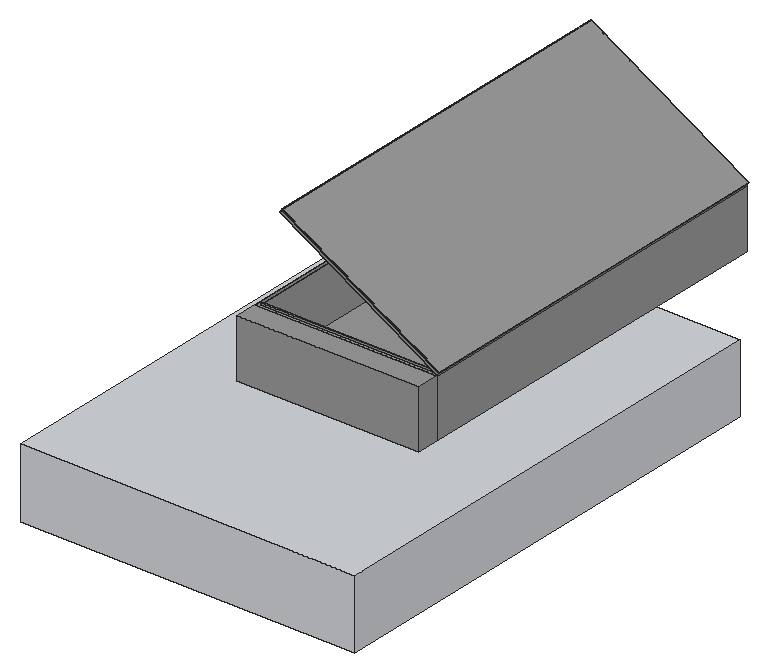
Revit family "Hager-Univers-IP55-D275-H1800-Cl.II-Steel_encl-CH-en", category Equipement électrique, Revit 2020
Family settings
  Hôte = Face
  Configuration du panneau = Deux colonnes, circuits au sein
  Cote de connecteur circulaire = Utiliser le diamètre
  Type d'élément = Tableau de raccordement
  Couper avec des vides une fois chargée = Non
  Partagée = Non
  Point de calcul de pièce = Non
Parameters (values of type "Floor installation IP55 W800 H1800 D275  - FR13S1")
  Width Control [instance] = if([EF000008 - Width] > Min Width, [EF000008 - Width], Min Width)  # 800 mm
  Commentaires du type = [HG000003 - Range]  # "Univers"
  Thickness Door [instance] = if([EF009171 - Material plate thickness door/cover] > 3 mm, 3 mm, [EF009171 - Material plate thickness door/cover])  # 1.5 mm
  Seal Frame Offset [instance] = 17 mm  # constant formula
  Plinth Visibility [instance] = [HG000027 - Plinth height] > 0 mm  # yes
  Model = ""
  Min Width [instance] = 100 mm  # constant formula
  Min Height [instance] = 100 mm  # constant formula
  Min Depth [instance] = (2 * [EF009170 - Material plate thickness cabinet]) + 1 mm  # 4 mm
  Internal Frame Depth [instance] = (Door System Depth * 0.5)  # 9 mm
  Height Control [instance] = if([EF000040 - Height] > Min Height, [EF000040 - Height], Min Height)  # 1800 mm
  HG000027 - Plinth height = 100 mm
  HG000026 - Floor standing = yes
  HG000024 - Bottom section height = 800 mm
  HG000023 - Double section enclosure = no
  HG000016 - Door 3d visibility [instance] = yes
  HG000015 - Clearance visibility [instance] = no
  HG000014 - Door on the right [instance] = yes
  HG000013 - Door on the left [instance] = not([HG000014 - Door on the right])  # no
  HG000012 - Door swing angle [instance] = 30.00°
  HG000010 - Asymmetric doors = no
  HG000009 - Double swing door = no
  HG000006 - Flush mounted = no
  HG000004 - Manufacturer reference = "FR13S1"
  HG000003 - Range = "Univers"
  HG000002 - With door or cover = yes
  Frame Offset Bottom [instance] = 10 mm  # constant formula
  Frame Offset [instance] = 15 mm  # constant formula
  EF015940 - Cover with overpressure release = no
  EF011959 - Degree of protection (NEMA) = ""
  EF009554 - Number of openings for flange plates = 6
  EF009212 - Cover model = "EV000116 - Closed"
  EF009171 - Material plate thickness door/cover = 1.5 mm
  EF009170 - Material plate thickness cabinet = 1.5 mm
  Fabricant = "Hager"  # constant formula
  EF008873 - Nominal current (In) = 800 A
  EF007800 - Suitable for lightning protection = no
  EF006306 - With lock = no
  EF006244 - Transparent cover/door = no
  EF005474 - Degree of protection (IP) = "EV006420 - IP55"
  EF004464 - Type of door = "EV002646 - Single"
  EF004427 - Number of modules = 396
  EF004293 - Impact strength = "EV008784 - IK10"
  EF003532 - Suitable for outdoor use = no
  EF002950 - Width in number of modular spacings = 24
  EF001613 - Circuit integrity = "EV000494 - None"
  EF001596 - Material housing = "EV000179 - Steel"
  EF001131 - Internal depth = 275 mm
  EF001088 - Extension possible = yes
  EF000437 - Number of conduit inlets = 6
  EF000339 - Type of cover = "EV004216 - Door"
  EF000266 - Number of rows = 11
  EF000218 - Built-in depth = 0 mm
  EF000118 - With mounting plate = no
  EF000116 - RAL-number = "7035"
  EF000049 - Depth = 275 mm
  EF000040 - Height = 1800 mm
  EF000008 - Width = 800 mm
  EF000007 - Colour = "EV000270 - Grey"
  EF000003 - Mounting method = "EV012274 - Floor installation"
  Door System Leaf Tolerance [instance] = 1.5 mm  # constant formula
  Door System Depth [instance] = 18 mm  # constant formula
  Door Height [instance] = Height Control - [HG000027 - Plinth height]  # 1700 mm
  Depth Control [instance] = if([EF000049 - Depth] > Min Depth, [EF000049 - Depth], Min Depth)  # 275 mm
  Default Elevation = 0 mm
  Connector Offset [instance] = Height Control / 2  # 900 mm
  Bottom Top Plate Trim [instance] = 1.5 mm  # constant formula
  Plinth height Ctrl [instance] = if([HG000027 - Plinth height] > 0 mm, [HG000027 - Plinth height], 12 mm)  # 100 mm
Types (5, lengths in mm): name | Width Control | HG000010 - Asymmetric doors | HG000009 - Double swing door | HG000004 - Manufacturer reference | EF009554 - Number of openings for flange plates | EF004464 - Type of door | EF004427 - Number of modules | EF000437 - Number of conduit inlets | EF000008 - Width
  Floor installation IP55 W1050 H1800 D275  - FR14S1 | 1050 | yes | yes | "FR14S1" | 8 | "EV003602 - Double" | 528 | 8 | 1050
  Floor installation IP55 W1300 H1800 D275  - FR15S1 | 1300 | yes | yes | "FR15S1" | 10 | "EV003602 - Double" | 660 | 10 | 1300
  Floor installation IP55 W300 H1800 D275  - FR11S1 | 300 | no | no | "FR11S1" | 2 | "EV002646 - Single" | 132 | 2 | 300
  Floor installation IP55 W550 H1800 D275  - FR12S1 | 550 | no | no | "FR12S1" | 4 | "EV002646 - Single" | 264 | 4 | 550
  Floor installation IP55 W800 H1800 D275  - FR13S1 | 800 | no | no | "FR13S1" | 6 | "EV002646 - Single" | 396 | 6 | 800
Reference planes
  plane 1 "Center (Front/Back)": y = 0
  plane 2: z = 0
  plane 3 "Center (Left/Right)": x = 0
  plane 4: z = 275
  plane 5: y = 101.5
  plane 6: y = 950
  plane 7: y = 100
  plane 8: y = 1800
  plane 9: z = 0
  plane 10: x = -385
  plane 11: x = 385
  plane 12: x = 383.5
  plane 13: x = -383.5
  plane 14: y = 1798.5
  plane 15: x = -383
  plane 16: x = -400
  plane 17: x = 383
  plane 18: x = 400
  plane 19: x = 398.5
  plane 20: x = -398.5
  plane 21: y = 111.5
  plane 22: y = 1800
  plane 23: y = 1783.5
  plane 24: z = 257
  plane 25: z = 1.5
  plane 26: z = 255.5
  plane 27: z = 273.5
Forms (mm)
  Extrusion 1, solid
    sketch origin (0, 0, 0) x (1, 0, 0) y (0, 1, 0)
      loop
        line (-702.964, 1305) -> (-702.964, -811.445) -> (766.763, -811.445) -> (766.763, 1305) -> (-702.964, 1305)
    from 0 to -304.8
  Extrusion 2, solid, material "Hager_Steel_RAL7035_Light_Grey", visible <- "Plinth Visibility", detail levels medium+fine
    sketch origin (0, 0, 0) x (1, 0, 0) y (0, 1, 0)
      loop
        line (-400, 0) -> (400, 0) -> (400, 100) -> (-400, 100) -> (-400, 0)
    from 0 to 257
  Extrusion 3, solid, material "Hager_Steel_RAL7035_Light_Grey", detail levels medium+fine
    sketch origin (0, 0, 0) x (1, 0, 0) y (0, 1, 0)
      loop
        line (-400, 100) -> (400, 100) -> (400, 1800) -> (-400, 1800) -> (-400, 100)
    from 0 to 257
  Extrusion 4, void
    sketch origin (0, 0, 0) x (1, 0, 0) y (0, 1, 0)
      loop
        line (-398.5, 101.5) -> (398.5, 101.5) -> (398.5, 1798.5) -> (-398.5, 1798.5) -> (-398.5, 101.5)
    from 1.5 to 255.5
  Extrusion 5, void
    sketch origin (-381.607, -4572, 257) x (0, -1, 0) y (-1, 0, 0)
      loop
        line (-4683.5, 1.893) -> (-6355.5, 1.893) -> (-6355.5, -765.107) -> (-4683.5, -765.107) -> (-4683.5, 1.893)
    from 0 to 1.5 <- "EF009170 - Material plate thickness cabinet"
  Extrusion 6, solid, material "Hager_Steel_RAL7035_Light_Grey", detail levels fine
    sketch origin (0, 0, 257) x (1, 0, 0) y (0, 1, 0)
      loop
        line (-383.5, 1783.5) -> (-383.5, 111.5) -> (383.5, 111.5) -> (383.5, 1783.5) -> (-383.5, 1783.5)
      loop
        line (-385, 110) -> (385, 110) -> (385, 1785) -> (-385, 1785) -> (-385, 110)
    from 0 to 9 <- "Internal Frame Depth"
  Extrusion 7, solid, material "Hager_Steel_RAL7035_Light_Grey", detail levels coarse
    sketch origin (0, 0, 0) x (1, 0, 0) y (0, 1, 0)
      loop
        line (-400, 0) -> (400, 0) -> (400, 1800) -> (-400, 1800) -> (-400, 0)
    from 0 to 275
  Sweep 8, void
    path in 3D
      loop
        line (-400, 100, 0) -> (400, 100, 0) -> (400, 100, 257) -> (-400, 100, 257) -> (-400, 100, 0)
    profile origin (-400, 100, 128.5) x (-1, 0, 0) y (0, -1, 0)
      loop
        line (0, 0) -> (0, 1.5) -> (-1.5, 1.5)
        arc (-1.5, 1.5) -> (-1.061, 0.439) -> (0, 0) r 1.5
Cuts and joins
  Extrusion 4, Extrusion 5 cuts Extrusion 3
  Sweep 8 cuts Extrusion 2
Lines and regions (mm)
  Masking region 1
    outline origin (0, 0, 0) x (1, 0, 0) y (0, 0, 1)
      loop
        line (-400, 275) -> (-400, 0) -> (400, 0) -> (400, 275) -> (-400, 275)
  Masking region 2, detail levels medium+fine
    outline origin (0, 140, 0) x (0, 1, 0) y (0, 0, 1)
      loop
        line (-40, 0) -> (1660, 0) -> (1660, 257) -> (-40, 257) -> (-40, 0)
  Masking region 3, not visible, detail levels medium+fine
    outline origin (0, 297.922, 0) x (0, 1, 0) y (0, 0, 1)
      loop
        line (663.578, 0) -> (703.578, 0) -> (703.578, 263.5)
        arc (703.578, 263.5) -> (700.649, 270.571) -> (693.578, 273.5) r 10
        line (693.578, 273.5) -> (663.578, 273.5) -> (663.578, 0)
  Masking region 4, detail levels coarse
    outline origin (0, 0, 180) x (0, 1, 0) y (0, 0, 1)
      loop
        line (0, -180) -> (1800, -180) -> (1800, 95) -> (0, 95) -> (0, -180)
  Masking region 5, visible <- "Plinth Visibility", detail levels medium+fine
    outline origin (0, 52.24, 12.345) x (0, 0, -1) y (0, 1, 0)
      loop
        line (10.845, 47.76) -> (-243.155, 47.76)
        arc (-243.155, 47.76) -> (-243.594, 46.699) -> (-244.655, 46.26) r 1.5
        line (-244.655, 46.26) -> (-244.655, -52.24) -> (12.345, -52.24) -> (12.345, 46.26)
        arc (12.345, 46.26) -> (11.285, 46.699) -> (10.845, 47.76) r 1.5
  Masking region 6, detail levels medium+fine
    outline origin (-381.607, -4572, 257) x (-1, 0, 0) y (0, -1, 0)
      loop
        line (18.393, -6372) -> (18.393, -4672) -> (-781.607, -4672) -> (-781.607, -6372) -> (18.393, -6372)
  Masking region 7, visible <- "Plinth Visibility", detail levels medium+fine
    outline origin (-381.607, -4727, 257) x (-1, 0, 0) y (0, -1, 0)
      loop
        arc (16.893, -4827) -> (17.332, -4825.939) -> (18.393, -4825.5) r 1.5
        line (18.393, -4825.5) -> (18.393, -4727) -> (-781.607, -4727) -> (-781.607, -4825.5)
        arc (-781.607, -4825.5) -> (-780.546, -4825.939) -> (-780.107, -4827) r 1.5
        line (-780.107, -4827) -> (16.893, -4827)
  Masking region 8, detail levels coarse
    outline origin (-442.548, -4669.526, 257) x (-1, 0, 0) y (0, -1, 0)
      loop
        line (-42.548, -6469.526) -> (-42.548, -4669.526) -> (-842.548, -4669.526) -> (-842.548, -6469.526) -> (-42.548, -6469.526)
  sketch lines
    curve 1: line (-400, 100, 257) -> (-400, 100, 0)
    curve 2: line (400, 100, 257) -> (-400, 100, 257)
    curve 3: line (400, 100, 257) -> (400, 100, 0)
    curve 4: line (-400, 100, 0) -> (400, 100, 0)
Dimensions and locks
  "Depth Control": plane 4 to Extrusion 1
  "HG000027 - Plinth height": plane 1 "Center (Front/Back)" to plane 7
  "EF009170 - Material plate thickness cabinet": plane 5 to plane 7
  locked: connector elem to plane 3 "Center (Left/Right)"
  equal spacing: plane 8, plane 6, plane 7
  locked: connector elem to plane 6
  "EF009170 - Material plate thickness cabinet": plane 8 to plane 14
  "EF009170 - Material plate thickness cabinet": plane 10 to plane 13
  "EF009170 - Material plate thickness cabinet": plane 12 to plane 11
  "Frame Offset": plane 20 to plane 13
  "Frame Offset": plane 12 to plane 19
  "EF009170 - Material plate thickness cabinet": plane 16 to plane 20
  "EF009170 - Material plate thickness cabinet": plane 19 to plane 18
  "Seal Frame Offset": plane 16 to plane 15
  "Seal Frame Offset": plane 17 to plane 18
  "Frame Offset Bottom": plane 21 to plane 5
  "Frame Offset": plane 14 to plane 23
  equal spacing: plane 16, plane 3 "Center (Left/Right)", plane 18
  "Width Control": plane 16 to plane 18
  "EF009170 - Material plate thickness cabinet": plane 4 to plane 27
  "EF009170 - Material plate thickness cabinet": plane 24 to plane 26
  "EF009170 - Material plate thickness cabinet": plane 25 to level
  "Door System Depth": plane 4 to plane 24
  "Height Control": plane 1 "Center (Front/Back)" to Extrusion 7 sketch curve
  "Height Control": Masking region 4 sketch curve to plane 1 "Center (Front/Back)"
  "Height Control": plane 1 "Center (Front/Back)" to plane 22
  "Bottom Top Plate Trim": profile plane to Sweep 8 sketch curve
  "Bottom Top Plate Trim": Sweep 8 sketch curve to profile plane
  "Plinth height Ctrl": plane 1 "Center (Front/Back)" to Extrusion 2 sketch curve
  "Plinth height Ctrl": Masking region 5 sketch curve to plane 1 "Center (Front/Back)"
  "Plinth height Ctrl": plane 1 "Center (Front/Back)" to Masking region 7 sketch curve
  "Thickness Door": Extrusion 6 sketch curve to Extrusion 6 sketch curve  (x3)
  "Thickness Door": cut or joined group of Extrusion 3, Extrusion 4, Extrusion 5 to Extrusion 6 sketch curve
  radius of Masking region 3 sketch curve = 10 mm
  "Bottom Top Plate Trim": radius of Masking region 5 sketch curve  (x2)
  "Bottom Top Plate Trim": radius of Sweep 8 sketch curve
  "Bottom Top Plate Trim": radius of Masking region 7 sketch curve  (x2)
  aligned and locked: plane 2 to Extrusion 1
  aligned and locked: level to Extrusion 1
  aligned and locked: level to Masking region 1 sketch curve
  aligned and locked: Masking region 1 sketch curve to plane 18
  aligned and locked: Masking region 1 sketch curve to plane 16
  aligned and locked: plane 7 to Masking region 2 sketch curve
  aligned and locked: level to Masking region 3 sketch curve
  aligned and locked: Masking region 3 sketch curve to plane 27
  aligned and locked: level to Masking region 2 sketch curve
  aligned and locked: plane 1 "Center (Front/Back)" to Extrusion 2 sketch curve
  aligned and locked: Extrusion 3 sketch curve to plane 7
  aligned and locked: plane 16 to Extrusion 3 sketch curve
  aligned and locked: plane 18 to Extrusion 3 sketch curve
  aligned and locked: plane 20 to Extrusion 4 sketch curve
  aligned and locked: plane 19 to Extrusion 4 sketch curve
  aligned and locked: Extrusion 4 sketch curve to plane 5
  aligned and locked: Extrusion 4 to plane 25
  aligned and locked: plane 26 to Extrusion 4
  aligned and locked: plane 24 to Extrusion 3
  aligned and locked: Extrusion 5 sketch curve to plane 21
  aligned and locked: Extrusion 5 sketch curve to plane 13
  aligned and locked: Extrusion 5 sketch curve to plane 12
  aligned and locked: plane 18 to Extrusion 7 sketch curve
  aligned and locked: plane 1 "Center (Front/Back)" to Extrusion 7 sketch curve
  aligned and locked: plane 16 to Extrusion 7 sketch curve
  aligned and locked: plane 4 to Extrusion 7
  aligned and locked: Extrusion 7 to level
  aligned and locked: level to Masking region 4 sketch curve
  aligned and locked: Masking region 4 sketch curve to plane 1 "Center (Front/Back)"
  aligned and locked: Masking region 4 sketch curve to plane 4
  aligned and locked: nested 1 to level
  aligned and locked: nested 1 to plane 16
  aligned and locked: plane 8 to Extrusion 3 sketch curve
  aligned and locked: plane 23 to Extrusion 5 sketch curve
  aligned and locked: plane 14 to Extrusion 4 sketch curve
  aligned and locked: Masking region 2 sketch curve to plane 8
  aligned and locked: level to Masking region 5 sketch curve
  aligned and locked: plane 16 to Extrusion 2 sketch curve
  aligned and locked: plane 18 to Extrusion 2 sketch curve
  aligned and locked: Masking region 5 sketch curve to plane 24
  aligned and locked: Masking region 2 sketch curve to plane 24
  aligned and locked: plane 24 to Extrusion 2
  aligned and locked: profile plane to Sweep 8 sketch curve  (x2)
  aligned and locked: Masking region 6 sketch curve to plane 18
  aligned and locked: Masking region 6 sketch curve to plane 22
  aligned and locked: Masking region 6 sketch curve to plane 16
  aligned and locked: plane 8 to plane 22
  aligned and locked: Masking region 6 sketch curve to plane 7
  aligned and locked: Masking region 7 sketch curve to plane 16
  aligned and locked: Masking region 7 sketch curve to plane 1 "Center (Front/Back)"
  aligned and locked: Masking region 7 sketch curve to plane 18
  aligned and locked: Masking region 8 sketch curve to plane 1 "Center (Front/Back)"
  aligned and locked: Masking region 8 sketch curve to plane 18
  aligned and locked: Masking region 8 sketch curve to plane 22
  aligned and locked: Masking region 8 sketch curve to plane 16
  aligned and locked: nested 2 to plane 7
  aligned and locked: plane 3 "Center (Left/Right)" to nested 2
  aligned and locked: nested 2 to plane 24
  aligned and locked: Extrusion 6 sketch curve to cut or joined group of Extrusion 3, Extrusion 4, Extrusion 5  (x4)
Automatic sketch dimensions
  Extrusion 1 sketch curve to Extrusion 1 sketch curve = 1469.727 mm
  Extrusion 1 sketch curve to Extrusion 1 sketch curve = 2116.445 mm
  Masking region 1 sketch curve to plane 4 = 0 mm
  plane 6 to Masking region 3 sketch curve = 11.5 mm
  Masking region 3 sketch curve to Masking region 3 sketch curve = 30 mm
  Masking region 5 sketch curve to plane 1 "Center (Front/Back)" = 0 mm
Nested families
  nested 1: "Hager_Enclosure_Symbol" at (-400, 0, 0) x (1, 0, 0) z (0, -1, 0), Height <- "Depth Control", Width <- "Width Control", type "Hager_Enclosure_Symbol"
    with Width_Ctrl 800 mm, Width 800 mm, Height_Ctrl 275 mm, Height 275 mm, A_Width_Int 18.047 mm, A_Width 216.562 mm, A_Height_Ctrl 240.625 mm, A_Height 240.625 mm
  nested 2: "EC000058_Univers_Door" at (0, 100, 257) x (1, 0, 0) z (0, 1, 0), Leaf_Tolerance <- "Door System Leaf Tolerance", Angle <- "HG000012 - Door swing angle", Door_Depth <- "Door System Depth", Door_Left <- "HG000013 - Door on the left", Transparent <- "EF006244 - Transparent cover/door", Assymetrical <- "HG000010 - Asymmetric doors", Width <- "Width Control", Clearance <- "HG000015 - Clearance visibility", Double <- "HG000009 - Double swing door", 3d_Door <- "HG000016 - Door 3d visibility", Lock_Visibility <- "EF006306 - With lock", Width_Ctrl <- "Width Control", Door_Right <- "HG000014 - Door on the right", Door <- "HG000002 - With door or cover", Height <- "Door Height", Thickness <- "Thickness Door", type "EC000058_Univers_Door", detail levels medium+fine
    with min_wh 4 mm, Width_Ctrl 800 mm, Width 800 mm, Transparent no, Thickness 1.5 mm, Seal_Material Hager_Rubber, Lock_Visibility no, Lock_Material Hager_Plastic_RAL9005_Jet_Black, Leaf_Width 800 mm, Leaf_Tolerance_External_Sides 0 mm, Leaf_Tolerance 1.5 mm, Leaf_Offset 0 mm, Leaf_Height 1697 mm, Leaf_2_Width 800 mm, Leaf_2_Offset 400 mm, Leaf_1_Width 800 mm, Leaf_1_Offset 400 mm, Height_Ctrl 1700 mm, Height 1700 mm, Glass_Material Hager_Glass, Double_Clearance_Ctrl no, Double no, Door_Right_Ctrl yes, Door_Right yes, Door_Material Hager_Steel_RAL7035_Light_Grey, Door_Left_Ctrl no, Door_Left no, Door_Depth 18 mm, Door yes, Clearance_Material Hager_Clearance, Clearance_Depth 800 mm, Clearance_Ctrl no, Clearance no, Assymetrical no, Angle 30.00°, 3d_Door yes
Connectors
  electrical at (0, 950, 0)
    settings: on plane 9, index 1, voltage 0 V, apparent load 0 VA, apparent load phase1 0 VA, apparent load phase2 0 VA, apparent load phase3 0 VA, power factor 1, load classification "Other", number of poles 1, system type 30, power factor state 1, is connector primary yes, connector utility no, sub classification motor no, connector description ""
Definition of nested family "EC000058_Univers_Door"
  Parameters (values of type "EC000058_Univers_Door")
    min_wh [instance] = (2 * Thickness) + 1 mm  # 11 mm
    Width_Ctrl [instance] = 400 mm
    Width [instance] = 500 mm
    Transparent [instance] = yes
    Thickness [instance] = 5 mm
    Seal_Material [instance] = none
    Lock_Visibility [instance] = yes
    Lock_Material [instance] = none
    Leaf_Width [instance] = if((Width_Ctrl - 2 * Leaf_Tolerance_External_Sides) > 0 mm, (Width_Ctrl - 2 * Leaf_Tolerance_External_Sides), min_wh)  # 400 mm
    Leaf_Tolerance_External_Sides [instance] = 0 mm  # constant formula
    Leaf_Tolerance [instance] = 1.5 mm
    Leaf_Offset [instance] = 0 mm  # constant formula
    Leaf_Height [instance] = if((Height_Ctrl - 2 * Leaf_Tolerance) > 0 mm, (Height_Ctrl - 2 * Leaf_Tolerance), min_wh)  # 497 mm
    Leaf_2_Width [instance] = if(and(and(Double, Assymetrical), Door_Left), (Leaf_Width / 3) - (Leaf_Tolerance / 2), if(and(and(Double, Assymetrical), Door_Right), (Leaf_Width / 3) * 2 - (Leaf_Tolerance / 2), if(and(Double, not(Assymetrical)), (Leaf_Width / 2) - Leaf_Tolerance, Leaf_Width)))  # 400 mm
    Leaf_2_Offset [instance] = if(and(Double, Assymetrical), Leaf_2_Width / 2, if(and(Double, not(Assymetrical)), Leaf_Width / 4, Leaf_Width / 2))  # 200 mm
    Leaf_1_Width [instance] = if(and(and(Double, Assymetrical), Door_Right), (Leaf_Width / 3) - (Leaf_Tolerance / 2), if(and(and(Double, Assymetrical), Door_Left), (Width / 3) * 2 - (Leaf_Tolerance / 2), if(and(Double, not(Assymetrical)), (Leaf_Width / 2) - Leaf_Tolerance, Leaf_Width)))  # 400 mm
    Leaf_1_Offset [instance] = if(and(Double, Assymetrical), Leaf_1_Width / 2, if(and(Double, not(Assymetrical)), Leaf_Width / 4, Leaf_Width / 2))  # 200 mm
    Height_Ctrl [instance] = if(Height > min_wh, Height, min_wh)  # 500 mm
    Height [instance] = 500 mm
    Glass_Material [instance] = none
    Double_Clearance_Ctrl [instance] = and(Double, Clearance)  # no
    Double [instance] = no
    Door_Right_Ctrl [instance] = and(or(Door_Right, Double), Door)  # yes
    Door_Right [instance] = yes
    Door_Material [instance] = none
    Door_Left_Ctrl [instance] = and(or(Door_Left, Double), Door)  # no
    Door_Left [instance] = no
    Door_Depth [instance] = 30 mm
    Door [instance] = yes
    Default Elevation = 1219.2 mm
    Clearance_Material [instance] = none
    Clearance_Depth [instance] = if(Leaf_1_Width > Leaf_2_Width, Leaf_1_Width, Leaf_2_Width)  # 400 mm
    Clearance_Ctrl [instance] = and(not(Double), Clearance)  # yes
    Clearance [instance] = yes
    Assymetrical [instance] = yes
    Angle [instance] = 30.00°
    3d_Door [instance] = yes
  Reference planes
    plane 1 "Center (Front/Back)": y = 0
    plane 2 "Bottom": z = 0
    plane 3 "Center (Left/Right)": x = 0
    plane 4: z = 500
    plane 5: x = -200
    plane 6: x = 200
    plane 7: z = 500
    plane 8: x = -200
    plane 9: z = 0
    plane 10: x = 200
    plane 11: y = 0
    plane 12: z = 1.5
    plane 13: x = -600
    plane 14: y = -400
    plane 15: x = 600
    plane 16: x = 0
    plane 17: x = 0
    plane 18: x = -200
    plane 19: x = 200
    plane 20: z = 498.5
  Forms (mm)
    Extrusion 1, solid, material <- "Clearance_Material", visible <- "Double_Clearance_Ctrl"
      sketch origin (1200, 0, 0) x (1, 0, 0) y (0, 0, -1)
        loop
          line (-1800, -498.5) -> (-600, -498.5) -> (-600, 0) -> (-1800, 0) -> (-1800, -498.5)
      from 0 to -400
  Dimensions and locks
    equal spacing: plane 5, plane 3 "Center (Left/Right)", plane 6
    "Width_Ctrl": plane 5 to plane 6
    "Leaf_Offset": plane 5 to plane 8
    "Leaf_Offset": plane 6 to plane 10
    "Leaf_Offset": plane 9 to level
    "Leaf_Offset": plane 4 to plane 7
    "Height_Ctrl": plane 4 to level
    "Leaf_Tolerance": plane 12 to plane 9
    locked: plane 11 to plane 1 "Center (Front/Back)"
    "Leaf_1_Offset": plane 18 to plane 16
    "Leaf_2_Offset": plane 17 to plane 19
    "Leaf_1_Width": plane 13 to plane 8
    "Leaf_2_Width": plane 10 to plane 15
    "Clearance_Depth": plane 14 to plane 1 "Center (Front/Back)"
    "Leaf_Tolerance_External_Sides": plane 8 to plane 18
    "Leaf_Tolerance_External_Sides": plane 19 to plane 10
    "Leaf_Tolerance": plane 7 to plane 20
    aligned and locked: level to plane 2 "Bottom"
    aligned and locked: nested 1 to plane 16
    aligned and locked: nested 2 to plane 17
    aligned and locked: Extrusion 1 to plane 13
    aligned and locked: plane 15 to Extrusion 1
    aligned and locked: Extrusion 1 to plane 14
    aligned and locked: plane 12 to nested 1
    aligned and locked: nested 2 to plane 12
    aligned and locked: Extrusion 1 to plane 11
    aligned and locked: plane 20 to Extrusion 1
    aligned and locked: nested 2 to plane 11
    aligned and locked: nested 1 to plane 11
  Automatic sketch dimensions
    Extrusion 1 sketch curve to level = 0 mm
    plane 5 to Extrusion 1 sketch curve = 400 mm
    plane 6 to Extrusion 1 sketch curve = 400 mm
    Extrusion 1 sketch curve to plane 4 = 1.5 mm
  Nested families
    nested 1: "EC000058_Univers_Door_Leaf" at (0, 0, 1.5), Width <- "Leaf_1_Width", visible <- "Door_Left_Ctrl", Leaf_Height <- "Leaf_Height", Angle <- "Angle", 3d_Door <- "3d_Door", Transparent <- "Transparent", Clearance Material <- "Clearance_Material", Clearance <- "Clearance_Ctrl", Door_Material <- "Door_Material", Glass_Material <- "Glass_Material", Door_Depth <- "Door_Depth", Lock_Material <- "Lock_Material", Seal_Material <- "Seal_Material", Lock_Visibility <- "Lock_Visibility", Thickness <- "Thickness", type "EC000058_Univers_Door_Leaf"
      with Width 400 mm, Transparent_Glass_Offset 30 mm, Transparent_Ctrl yes, Transparent yes, Thickness 5 mm, Standard no, Seal_Material none, Seal_D2 8 mm, Seal_D1 1 mm, Offset_Internal_Frame 10 mm, Lock_Width 20 mm, Lock_Visibility_3d yes, Lock_Visibility yes, Lock_Thickness_3 3 mm, Lock_Thickness_2 1 mm, Lock_Thickness_1 3 mm, Lock_Radius_Offset_2 16 mm, Lock_Radius_Offset_1 15 mm, Lock_Radius_2 5 mm, Lock_Radius 6 mm, Lock_Offset 5 mm, Lock_Material none, Lock_Height 80 mm, Lock_Cover_Top_Offset_2d 17 mm, Lock_Cover_Height -65 mm, Leaf_Height 497 mm, Internal_Seal_Thickness 8 mm, Internal_Seal_Depth_2 4.5 mm, Internal_Frame_Depth 25 mm, Glass_Thickness -1 mm, Glass_Offset -2 mm, Glass_Material none, Door_Material none, Door_Depth 30 mm, Clearance Material none, Clearance yes, Angle_Ctrl 30.00°, Angle 30.00°, 3d_Door yes
    nested 2: "EC000058_Univers_Door_Leaf" at (0, 0, 1.5) x (-1, 0, 0) z (0, 0, 1), Width <- "Leaf_2_Width", visible <- "Door_Right_Ctrl", Leaf_Height <- "Leaf_Height", Angle <- "Angle", 3d_Door <- "3d_Door", Transparent <- "Transparent", Clearance Material <- "Clearance_Material", Clearance <- "Clearance_Ctrl", Door_Material <- "Door_Material", Glass_Material <- "Glass_Material", Door_Depth <- "Door_Depth", Lock_Material <- "Lock_Material", Seal_Material <- "Seal_Material", Lock_Visibility <- "Lock_Visibility", Thickness <- "Thickness", type "EC000058_Univers_Door_Leaf"
      with Width 400 mm, Transparent_Glass_Offset 30 mm, Transparent_Ctrl yes, Transparent yes, Thickness 5 mm, Standard no, Seal_Material none, Seal_D2 8 mm, Seal_D1 1 mm, Offset_Internal_Frame 10 mm, Lock_Width 20 mm, Lock_Visibility_3d yes, Lock_Visibility yes, Lock_Thickness_3 3 mm, Lock_Thickness_2 1 mm, Lock_Thickness_1 3 mm, Lock_Radius_Offset_2 16 mm, Lock_Radius_Offset_1 15 mm, Lock_Radius_2 5 mm, Lock_Radius 6 mm, Lock_Offset 5 mm, Lock_Material none, Lock_Height 80 mm, Lock_Cover_Top_Offset_2d 17 mm, Lock_Cover_Height -65 mm, Leaf_Height 497 mm, Internal_Seal_Thickness 8 mm, Internal_Seal_Depth_2 4.5 mm, Internal_Frame_Depth 25 mm, Glass_Thickness -1 mm, Glass_Offset -2 mm, Glass_Material none, Door_Material none, Door_Depth 30 mm, Clearance Material none, Clearance yes, Angle_Ctrl 30.00°, Angle 30.00°, 3d_Door yes
  Definition of nested family "EC000058_Univers_Door_Leaf"
    Parameters (values of type "EC000058_Univers_Door_Leaf")
      Width [instance] = 2000 mm
      Transparent_Glass_Offset [instance] = 30 mm
      Transparent_Ctrl [instance] = and(Transparent, [3d_Door])  # yes
      Transparent [instance] = yes
      Thickness [instance] = 5 mm
      Standard [instance] = and(not(Transparent), [3d_Door])  # no
      Seal_Material [instance] = none
      Seal_D2 [instance] = 8 mm  # constant formula
      Seal_D1 [instance] = 1 mm  # constant formula
      Offset_Internal_Frame [instance] = 10 mm  # constant formula
      Lock_Width [instance] = 20 mm  # constant formula
      Lock_Visibility_3d [instance] = and(Lock_Visibility, [3d_Door])  # yes
      Lock_Visibility [instance] = yes
      Lock_Thickness_3 [instance] = 3 mm  # constant formula
      Lock_Thickness_2 [instance] = 1 mm  # constant formula
      Lock_Thickness_1 [instance] = 3 mm  # constant formula
      Lock_Radius_Offset_2 [instance] = Lock_Radius_Offset_1 + 1 mm  # 16 mm
      Lock_Radius_Offset_1 [instance] = 15 mm  # constant formula
      Lock_Radius_2 [instance] = Lock_Radius - 1 mm  # 5 mm
      Lock_Radius [instance] = 6 mm  # constant formula
      Lock_Offset [instance] = 5 mm  # constant formula
      Lock_Material [instance] = none
      Lock_Height [instance] = 80 mm  # constant formula
      Lock_Cover_Top_Offset_2d [instance] = Lock_Radius_Offset_2 + 1 mm  # 17 mm
      Lock_Cover_Height [instance] = -(Lock_Height - Lock_Radius_Offset_1)  # -65 mm
      Leaf_Height [instance] = 2720.336 mm
      Internal_Seal_Thickness [instance] = 8 mm  # constant formula
      Internal_Seal_Depth_2 [instance] = 4.5 mm  # constant formula
      Internal_Frame_Depth [instance] = if(Door_Depth - Thickness > 5 mm, Door_Depth - Thickness, 5 mm)  # 25 mm
      Glass_Thickness [instance] = if(Thickness > 15 mm, Glass_Offset + 10 mm, -1 mm)  # -1 mm
      Glass_Offset [instance] = if(Thickness > 15 mm, -(Thickness + 10 mm) / 2, -2 mm)  # -2 mm
      Glass_Material [instance] = none
      Door_Material [instance] = none
      Door_Depth [instance] = 30 mm
      Default Elevation = 0 mm
      Clearance Material [instance] = none
      Clearance [instance] = yes
      Angle_Ctrl [instance] = if(Angle > 180.00°, 180.00°, Angle)  # 90.00°
      Angle [instance] = 90.00°
      3d_Door [instance] = yes
    Reference planes
      plane 1 "Center (Front/Back)": y = 0
      plane 2: z = 0
      plane 3 "Center (Left/Right)": x = 0
      plane 4: y = 2000
      plane 5: x = -1000
      plane 6: x = 1000
      plane 7: x = -3000
      plane 8: z = 2720.336
      plane 9: z = 30
      plane 10: z = 2690.336
      plane 11: x = 970
      plane 12: x = -970
      plane 13: y = -3
      plane 14: z = 107.833
      plane 15: y = -5
      plane 16: y = -223.314
      plane 17: x = -1000
      plane 18: z = 1360.168
      plane 19: y = 30
    Forms (mm)
      Extrusion 1, solid, material <- "Clearance Material", visible <- "Clearance"
        sketch origin (0, 0, 0) x (1, 0, 0) y (0, 0, 1)
          loop
            line (-3000, 2720.336) -> (-3000, 0) -> (1000, 0) -> (1000, 2720.336) -> (-3000, 2720.336)
        from 0 to -2000
      Extrusion 2, solid, material <- "Door_Material", visible <- "Standard", detail levels medium+fine
        sketch origin (-1000, 0, 0) x (0, 1, 0) y (-1, 0, 0)
          loop
            line (0, 30) -> (0, 25) -> (2000, 25) -> (2000, 30) -> (0, 30)
        from 0 to 2720.336 <- "Leaf_Height"
      Extrusion 3, solid, material <- "Door_Material", visible <- "Transparent_Ctrl", detail levels medium+fine
        sketch origin (-1000, 0, 0) x (0, 1, 0) y (-1, 0, 0)
          loop
            line (0, 25) -> (2000, 25) -> (2000, 30) -> (0, 30) -> (0, 25)
        from 0 to 2720.336 <- "Leaf_Height"
      Extrusion 4, void
        sketch origin (-1025, 2000, 0) x (0, 1, 0) y (0, 0, -1)
          loop
            line (-30, -2690.336) -> (-30, -30) -> (-1970, -30) -> (-1970, -2690.336) -> (-30, -2690.336)
        from 0 to 5 <- "Thickness"
      Sweep 5, solid, material <- "Seal_Material", visible <- "Transparent_Ctrl", detail levels fine
        path in 3D
          loop
            line (-1025, 30, 30) -> (-1025, 30, 2690.336) -> (-1025, 1970, 2690.336) -> (-1025, 1970, 30) -> (-1025, 30, 30)
        profile origin (-1025, 1000, 30) x (1, 0, 0) y (0, 0, 1)
          loop
            line (0, 0) -> (0, -8) -> (1, -8) -> (1, 0) -> (0, 0)
      Extrusion 6, solid, material <- "Glass_Material", visible <- "Transparent_Ctrl", detail levels medium+fine
        sketch origin (-1030, 0, 0) x (0, 1, 0) y (0, 0, -1)
          loop
            line (1970, -2690.336) -> (1970, -30) -> (30, -30) -> (30, -2690.336) -> (1970, -2690.336)
        from -2 <- "Glass_Offset" to -1 <- "Glass_Thickness"
      Extrusion 7, solid, material <- "Door_Material", visible <- "3d_Door", detail levels medium+fine
        sketch origin (-1025, 2000, 0) x (0, -1, 0) y (0, 0, -1)
          loop
            line (0, -2720.336) -> (2000, -2720.336) -> (2000, 0) -> (0, 0) -> (0, -2720.336)
          loop
            line (1995, -5) -> (5, -5) -> (5, -2715.336) -> (1995, -2715.336) -> (1995, -5)
        from 0 to 25 <- "Internal_Frame_Depth"
      Sweep 8, solid, material <- "Seal_Material", visible <- "Transparent_Ctrl", detail levels fine
        path in 3D
          loop
            line (-1025, 0, 0) -> (-1025, 2000, 0) -> (-1025, 2000, 2720.336) -> (-1025, 0, 2720.336) -> (-1025, 0, 0)
        profile origin (-1025, 0, 1360.168) x (1, 0, 0) y (0, 1, 0)
          loop
            line (0, 10) -> (2.975, 10)
            arc (2.975, 10) -> (4.053, 10.447) -> (4.5, 11.525) r 1.525
            line (4.5, 11.525) -> (4.5, 16.527)
            arc (4.5, 16.527) -> (4.069, 17.569) -> (3.027, 18) r 1.473
            line (3.027, 18) -> (0, 18) -> (0, 10)
      Extrusion 9, solid, material <- "Lock_Material", visible <- "Lock_Visibility_3d", detail levels fine
        sketch origin (-1030, 0, 0) x (0, 1, 0) y (0, 0, -1)
          loop
            arc (1993.5, -1400.168) -> (1994.561, -1399.729) -> (1995, -1398.668) r 1.5
            line (1995, -1398.668) -> (1995, -1320.168) -> (1975, -1320.168) -> (1975, -1398.668)
            arc (1975, -1398.668) -> (1975.439, -1399.729) -> (1976.5, -1400.168) r 1.5
            line (1976.5, -1400.168) -> (1993.5, -1400.168)
        from 3 <- "Lock_Thickness_1" to 0
      Blend 10, solid, material <- "Lock_Material", visible <- "Lock_Visibility_3d", detail levels fine
        base sketch origin (-1033, 0, 0) x (0, 1, 0) y (0, 0, -1)
          loop
            line (1975, -1320.168) -> (1975, -1398.668)
            arc (1975, -1398.668) -> (1975.439, -1399.729) -> (1976.5, -1400.168) r 1.5
            line (1976.5, -1400.168) -> (1993.5, -1400.168)
            arc (1993.5, -1400.168) -> (1994.561, -1399.729) -> (1995, -1398.668) r 1.5
            line (1995, -1398.668) -> (1995, -1320.168) -> (1975, -1320.168)
        top sketch origin (-1033, 0, 0) x (0, 1, 0) y (0, 0, -1)
          loop
            line (1976, -1320.168) -> (1976, -1398.668)
            arc (1976, -1398.668) -> (1976.146, -1399.022) -> (1976.5, -1399.168) r 0.5
            line (1976.5, -1399.168) -> (1993.5, -1399.168)
            arc (1993.5, -1399.168) -> (1993.854, -1399.022) -> (1994, -1398.668) r 0.5
            line (1994, -1398.668) -> (1994, -1320.168) -> (1976, -1320.168)
        from 0 to 1 <- "Lock_Thickness_2"
      Blend 11, solid, material <- "Lock_Material", visible <- "Lock_Visibility_3d", detail levels fine
        base sketch origin (-1034, 0, 0) x (0, 1, 0) y (0, 0, -1)
          loop
            line (1978, -1320.168) -> (1978, -1384.168)
            arc (1978, -1384.168) -> (1985, -1391.168) -> (1992, -1384.168) r 7
            line (1992, -1384.168) -> (1992, -1320.168) -> (1978, -1320.168)
        top sketch origin (-1034, 0, 0) x (0, 1, 0) y (0, 0, -1)
          loop
            line (1991, -1320.168) -> (1979, -1320.168) -> (1979, -1383.168)
            arc (1979, -1383.168) -> (1985, -1389.168) -> (1991, -1383.168) r 6
            line (1991, -1383.168) -> (1991, -1320.168)
        from 0 to 3 <- "Lock_Thickness_3"
      Extrusion 12, solid, material <- "Lock_Material", visible <- "Lock_Visibility_3d", detail levels fine
        sketch origin (-1030, 1975, 1320.168) x (1, 0, 0) y (0, -1, 0)
          loop
            line (-7, -19) -> (-7, -1) -> (0, -1) -> (0, 0) -> (-8, 0) -> (-8, -20) -> (0, -20) -> (0, -19) -> (-7, -19)
        from 0 to -65 <- "Lock_Cover_Height"
      Extrusion 13, void
        sketch origin (-1038, 1995, 1320.168) x (-1, 0, 0) y (0, 0, -1)
          loop
            line (-5, -65) -> (0, -65) -> (-5, -60) -> (-5, -65)
        from 0 to 20 <- "Lock_Width"
      Extrusion 14, void
        sketch origin (-1038, 1975, 1320.168) x (0, -1, 0) y (0, 0, -1)
          loop
            circle (-10, -15.995) r 6
          loop
            circle (-10, -15.995) r 5
        from 0 to 2
      Extrusion 15, solid, material <- "Lock_Material", visible <- "Lock_Visibility_3d", detail levels medium
        sketch origin (-1030, 0, 0) x (0, 1, 0) y (0, 0, -1)
          loop
            arc (1993.5, -1400.168) -> (1994.561, -1399.729) -> (1995, -1398.668) r 1.5
            line (1995, -1398.668) -> (1995, -1320.168) -> (1975, -1320.168) -> (1975, -1398.668)
            arc (1975, -1398.668) -> (1975.439, -1399.729) -> (1976.5, -1400.168) r 1.5
            line (1976.5, -1400.168) -> (1993.5, -1400.168)
        from 8 to 0
    Cuts and joins
      Extrusion 4 cuts Extrusion 3
      Extrusion 13, Extrusion 14 cuts Extrusion 9
      Extrusion 14 cuts Blend 11
      Extrusion 13, Extrusion 14 cuts Extrusion 12
      joined: Extrusion 9, Blend 10, Blend 11, Extrusion 12
      Extrusion 14 cuts Extrusion 15
    Lines and regions (mm)
      Masking region 1, visible <- "Lock_Visibility", detail levels fine
        outline origin (0, 0, 0) x (0, 1, 0) y (0, 0, 1)
          loop
            line (30, 1320.168) -> (33, 1320.168) -> (33, 1400.168) -> (30, 1400.168) -> (30, 1320.168)
      Masking region 2, visible <- "Lock_Visibility", detail levels fine
        outline origin (0, 3.143, 0) x (0, 1, 0) y (0, 0, 1)
          loop
            line (29.857, 1354.168) -> (30.857, 1354.168) -> (30.857, 1366.168) -> (29.857, 1366.168) -> (29.857, 1354.168)
      Masking region 3, detail levels medium+fine
        outline origin (0, 0, 0) x (0, 1, 0) y (0, 0, 1)
          loop
            line (0, 0) -> (30, 0) -> (30, 2720.336) -> (0, 2720.336) -> (0, 0)
      Masking region 4, detail levels medium+fine
        outline origin (0, 0, 0) x (1, 0, 0) y (0, 0, 1)
          loop
            line (-1000, 2720.336) -> (-1000, 0) -> (1000, 0) -> (1000, 2720.336) -> (-1000, 2720.336)
      Masking region 5, visible <- "Lock_Visibility", detail levels fine
        outline origin (-47.116, 0, 0) x (1, 0, 0) y (0, 0, 1)
          loop
            arc (1024.616, 1399.168) -> (1023.556, 1398.729) -> (1023.116, 1397.668) r 1.5
            line (1023.116, 1397.668) -> (1023.116, 1320.168) -> (1041.116, 1320.168) -> (1041.116, 1397.668)
            arc (1041.116, 1397.668) -> (1040.677, 1398.729) -> (1039.616, 1399.168) r 1.5
            line (1039.616, 1399.168) -> (1024.616, 1399.168)
      Masking region 6, visible <- "Lock_Visibility", detail levels medium+fine
        outline origin (-25, 0, 0) x (1, 0, 0) y (0, 0, 1)
          loop
            arc (1001.5, 1400.168) -> (1000.439, 1399.729) -> (1000, 1398.668) r 1.5
            line (1000, 1398.668) -> (1000, 1320.168) -> (1020, 1320.168) -> (1020, 1398.668)
            arc (1020, 1398.668) -> (1019.561, 1399.729) -> (1018.5, 1400.168) r 1.5
            line (1018.5, 1400.168) -> (1001.5, 1400.168)
      Masking region 7, visible <- "Lock_Visibility", detail levels fine
        outline origin (-73.735, 0, 0) x (1, 0, 0) y (0, 0, 1)
          loop
            line (1051.735, 1382.168) -> (1065.735, 1382.168) -> (1065.735, 1384.168)
            arc (1065.735, 1384.168) -> (1058.735, 1391.168) -> (1051.735, 1384.168) r 7
            line (1051.735, 1384.168) -> (1051.735, 1382.168)
      Masking region 8, visible <- "Lock_Visibility", detail levels fine
        outline origin (-73.735, 0, 0) x (1, 0, 0) y (0, 0, 1)
          loop
            line (1052.735, 1382.168) -> (1064.735, 1382.168) -> (1064.735, 1383.168)
            arc (1064.735, 1383.168) -> (1058.735, 1389.168) -> (1052.735, 1383.168) r 6
            line (1052.735, 1383.168) -> (1052.735, 1382.168)
      Masking region 9, visible <- "Lock_Visibility", detail levels fine
        outline origin (-25, 0, 0) x (1, 0, 0) y (0, 0, 1)
          loop
            line (1020, 1320.168) -> (1020, 1382.168) -> (1000, 1382.168) -> (1000, 1320.168) -> (1020, 1320.168)
      Masking region 10, detail levels medium+fine
        outline origin (0, 0, 0) x (1, 0, 0) y (0, 0, 1)
          loop
            circle (985, 1335.144) r 6
      Masking region 11, detail levels fine
        outline origin (0, 0, 0) x (1, 0, 0) y (0, 0, 1)
          loop
            circle (985, 1335.144) r 5
      Masking region 12, visible <- "Lock_Visibility", detail levels fine
        outline origin (0, 12.767, 0) x (0, 1, 0) y (0, 0, 1)
          loop
            line (20.233, 1320.168) -> (21.233, 1320.168) -> (21.233, 1399.168) -> (20.233, 1400.168) -> (20.233, 1320.168)
      Masking region 13, visible <- "Lock_Visibility", detail levels fine
        outline origin (0, 13.767, -10) x (0, 1, 0) y (0, 0, 1)
          loop
            line (20.233, 1330.168) -> (23.233, 1330.168) -> (23.233, 1399.168) -> (20.233, 1402.168) -> (20.233, 1330.168)
      Masking region 14, visible <- "Lock_Visibility", detail levels fine
        outline origin (0, 12.767, -10) x (0, 1, 0) y (0, 0, 1)
          loop
            line (20.233, 1330.168) -> (25.233, 1330.168) -> (25.233, 1399.305) -> (20.233, 1394.305) -> (20.233, 1330.168)
      Masking region 15, visible <- "Lock_Visibility", detail levels medium
        outline origin (0, 0, 0) x (0, 1, 0) y (0, 0, 1)
          loop
            line (30, 1320.168) -> (38, 1320.168) -> (38, 1400.168) -> (30, 1400.168) -> (30, 1320.168)
      Masking region 16, visible <- "Lock_Visibility", detail levels fine
        outline origin (-1000, 0, 0) x (0, 1, 0) y (-1, 0, 0)
          loop
            line (1975, 30) -> (1995, 30) -> (1995, 38) -> (1975, 38) -> (1975, 30)
          loop
            line (1979, 37) -> (1976, 37) -> (1976, 34) -> (1978, 34) -> (1979, 37)
          loop
            line (1994, 37) -> (1991, 37) -> (1992, 34) -> (1994, 34) -> (1994, 37)
      Masking region 17, visible <- "Lock_Visibility", detail levels medium
        outline origin (-1000, 0, 0) x (0, 1, 0) y (-1, 0, 0)
          loop
            line (1975, 30) -> (1995, 30) -> (1995, 38) -> (1975, 38) -> (1975, 30)
      symbolic lines
        curve 1: line (1000, 0, 0) -> (-3000, 0, 0)
        curve 2: arc (1000, 0, 0) -> (-1000, 2000, 0) -> (-3000, 0, 0) r 2000
        curve 4: line (-1030, 0, 0) -> (-1030, 2000, 0)
      reference lines
        curve 3: line (-1000, 0, 0) -> (-1000, 2000, 0)
      symbolic lines, detail levels medium+fine
        curve 5: line (-1030, 2000, 0) -> (-1025, 2000, 0)
        curve 7: line (-1025, 0, 0) -> (-1030, 0, 0)
        curve 8: line (-1025, 0, 0) -> (-1000, 0, 0)
        curve 9: line (-1000, 0, 0) -> (-1000, 2000, 0)
        curve 10: line (-1000, 2000, 0) -> (-1025, 2000, 0)
      symbolic lines, detail levels fine
        curve 6: line (-1025, 2000, 0) -> (-1025, 0, 0)
      sketch lines
        curve 11: line (-1025, 0, 2720.336) -> (-1025, 0, 0)
        curve 12: line (-1025, 2000, 0) -> (-1025, 0, 0)
        curve 13: line (-1025, 2000, 2720.336) -> (-1025, 2000, 0)
        curve 14: line (-1025, 0, 2720.336) -> (-1025, 2000, 2720.336)
        curve 15: line (-1025, 1970, 30) -> (-1025, 30, 30)
        curve 16: line (-1025, 30, 30) -> (-1025, 30, 2690.336)
        curve 17: line (-1025, 1970, 2690.336) -> (-1025, 1970, 30)
        curve 18: line (-1025, 30, 2690.336) -> (-1025, 1970, 2690.336)
      symbolic lines, visible <- "Transparent", detail levels medium+fine
        curve 19: line (-970, 0, 2690.336) -> (970, 0, 2690.336)
        curve 20: line (-970, 0, 30) -> (-970, 0, 2690.336)
        curve 21: line (970, 0, 30) -> (-970, 0, 30)
        curve 22: line (970, 0, 2690.336) -> (970, 0, 30)
    Dimensions and locks
      "Width": plane 1 "Center (Front/Back)" to plane 4
      equal spacing: plane 5, plane 3 "Center (Left/Right)", plane 6
      "Width": plane 5 to plane 6
      "Width": plane 7 to plane 5
      "Leaf_Height": plane 8 to level
      "Width": curve 5 to curve 3
      "Width": curve 3 to curve 3
      plane 8 to plane 10 = 30 mm
      plane 9 to level = 30 mm
      plane 12 to plane 5 = 30 mm
      plane 6 to plane 11 = 30 mm
      Extrusion 1 to Extrusion 4 sketch curve = 30 mm
      "Transparent_Glass_Offset": curve 3 to Extrusion 4 sketch curve
      "Transparent_Glass_Offset": Extrusion 4 sketch curve to cut or joined group of Extrusion 3, Extrusion 4  (x2)
      cut or joined group of Extrusion 3, Extrusion 4 to Extrusion 6 sketch curve = 30 mm
      "Transparent_Glass_Offset": cut or joined group of Extrusion 3, Extrusion 4 to Extrusion 4 sketch curve
      "Thickness": curve 6 to curve 4
      "Thickness": Extrusion 7 sketch curve to Extrusion 7 sketch curve  (x4)
      "Door_Depth": curve 4 to curve 3
      "Offset_Internal_Frame": profile plane to Sweep 8 sketch curve
      "Internal_Seal_Thickness": Sweep 8 sketch curve to Sweep 8 sketch curve
      "Internal_Seal_Depth_2": profile plane to Sweep 8 sketch curve
      "Seal_D1": profile plane to Sweep 5 sketch curve
      "Seal_D2": profile plane to Sweep 5 sketch curve
      "Thickness": Extrusion 2 sketch curve to Extrusion 2 sketch curve
      equal spacing: Extrusion 9 sketch curve, plane 18, Extrusion 9 sketch curve  (x2)
      equal spacing: Masking region 1 sketch curve, plane 18, Masking region 1 sketch curve
      "Lock_Height": Masking region 1 sketch curve to Masking region 1 sketch curve
      "Lock_Radius": Masking region 2 sketch curve to plane 18 to Masking region 2 sketch curve
      Masking region 2 sketch curve to Masking region 1 = 1 mm
      "Door_Depth": plane 19 to plane 1 "Center (Front/Back)"
      "Lock_Thickness_1": Masking region 1 sketch curve to plane 19
      "Lock_Width": Extrusion 9 sketch curve to Extrusion 9 sketch curve
      "Lock_Height": Extrusion 9 sketch curve to Extrusion 9 sketch curve
      "Lock_Offset": cut or joined group of Extrusion 3, Extrusion 4 to Extrusion 9 sketch curve
      equal spacing: plane 8, plane 18, level
      "Lock_Radius_Offset_1": Blend 11 sketch curve to Blend 10
      locked: Blend 10 to Blend 11 sketch curve at 2  (x2)
      locked: var sketch to Blend 11 sketch curve at 1  (x2)
      "Lock_Radius_Offset_2": Blend 11 sketch curve to Blend 10
      locked: Extrusion 12 sketch curve to Extrusion 12 sketch curve at 1  (x3)
      Masking region 6 sketch curve to Masking region 6 sketch curve = 80 mm
      "Lock_Height": Masking region 6 sketch curve to Masking region 6 sketch curve
      "Lock_Width": Masking region 6 sketch curve to Masking region 6 sketch curve
      locked: Masking region 6 to Masking region 5 sketch curve at 1  (x3)
      locked: Masking region 5 to Masking region 7 sketch curve at 2  (x2)
      "Lock_Radius_Offset_1": Masking region 5 to Masking region 7 sketch curve
      "Lock_Radius_Offset_2": Masking region 5 to Masking region 8 sketch curve
      locked: Masking region 7 to Masking region 8 sketch curve at 1  (x2)
      "Lock_Cover_Top_Offset_2d": Masking region 5 to Masking region 9 sketch curve
      equal spacing: Masking region 9, Masking region 10 sketch curve, Masking region 9
      equal spacing: Masking region 9, Masking region 11 sketch curve, Masking region 9
      Extrusion 15 sketch curve to Extrusion 15 sketch curve = 80 mm
      "Lock_Width": Extrusion 15 sketch curve to Extrusion 15 sketch curve
      "Lock_Height": Extrusion 15 sketch curve to Extrusion 15 sketch curve
      equal spacing: Extrusion 15 sketch curve, plane 18, Extrusion 15 sketch curve
      "Lock_Thickness_3": Masking region 13 sketch curve to Masking region 13 sketch curve
      "Lock_Height": Masking region 12 sketch curve to Masking region 12 sketch curve
      locked: Masking region 13 sketch curve to Masking region 1 at 8
      locked: Masking region 14 sketch curve to Masking region 13 at 1
      locked: Masking region 14 sketch curve to Masking region 1 at 10.863
      "Lock_Height": Masking region 15 sketch curve to Masking region 15 sketch curve
      "Lock_Offset": Extrusion 15 sketch curve to cut or joined group of Extrusion 3, Extrusion 4
      "Lock_Offset": plane 6 to Masking region 6 sketch curve
      radius of Sweep 8 sketch curve = 1.525 mm
      radius of Sweep 8 sketch curve = 1.473 mm
      radius of Extrusion 9 sketch curve = 1.5 mm  (x2)
      "Lock_Radius": radius of Extrusion 14 sketch curve
      "Lock_Radius_2": radius of Extrusion 14 sketch curve
      "Lock_Radius": radius of Masking region 10 sketch curve
      "Lock_Radius_2": radius of Masking region 11 sketch curve
      radius of Extrusion 15 sketch curve = 1.5 mm  (x2)
      "Angle_Ctrl": angle plane 1 "Center (Front/Back)" to curve 3
      locked: Masking region 12 sketch curve to Masking region 12 sketch curve (angle 45.00°)
      locked: Masking region 13 sketch curve to Masking region 13 sketch curve (angle 45.00°)
      locked: Masking region 14 sketch curve to Masking region 14 sketch curve (angle 45.00°)
      aligned and locked: level to plane 2
      aligned and locked: Extrusion 1 to curve 1
      aligned and locked: plane 6 to Extrusion 1
      aligned and locked: Extrusion 1 to plane 1 "Center (Front/Back)"
      aligned and locked: plane 4 to Extrusion 1
      aligned and locked: plane 8 to Extrusion 1
      aligned and locked: curve 7 to Extrusion 2 sketch curve
      aligned and locked: curve 5 to Extrusion 2 sketch curve
      aligned and locked: curve 7 to Extrusion 3 sketch curve
      aligned and locked: Extrusion 3 sketch curve to curve 4
      aligned and locked: Extrusion 3 sketch curve to curve 6
      aligned and locked: Extrusion 3 sketch curve to curve 5
      aligned and locked: curve 9 to curve 3
      aligned and locked: Extrusion 7 sketch curve to cut or joined group of Extrusion 3, Extrusion 4  (x4)
      aligned and locked: plane 17 to curve 3
      aligned and locked: plane 1 "Center (Front/Back)" to curve 3
      aligned and locked: plane 17 to plane 5
      aligned and locked: Sweep 8 sketch curve to profile plane
      aligned and locked: Sweep 5 sketch curve to profile plane  (x2)
      aligned and locked: Masking region 1 to Masking region 2 sketch curve
      aligned and locked: plane 19 to Masking region 1 sketch curve
      aligned and locked: plane 1 "Center (Front/Back)" to Masking region 3 sketch curve
      aligned and locked: plane 19 to Masking region 3 sketch curve
      aligned and locked: level to Masking region 3 sketch curve
      aligned and locked: Masking region 3 sketch curve to plane 8
      aligned and locked: plane 17 to Masking region 4 sketch curve
      aligned and locked: level to Masking region 4 sketch curve
      aligned and locked: Masking region 4 sketch curve to plane 8
      aligned and locked: plane 12 to curve 20
      aligned and locked: plane 10 to curve 19
      aligned and locked: plane 11 to curve 22
      aligned and locked: curve 21 to plane 9
      aligned and locked: Extrusion 2 sketch curve to cut or joined group of Extrusion 3, Extrusion 4
      aligned and locked: Blend 10 sketch curve to Extrusion 9  (x4)
      aligned and locked: Extrusion 9 to Blend 10 sketch curve
      aligned and locked: Blend 10 to Blend 11 sketch curve
      aligned and locked: Extrusion 12 sketch curve to Blend 11
      aligned and locked: Extrusion 12 sketch curve to Extrusion 9  (x4)
      aligned and locked: Masking region 5 sketch curve to Masking region 6
      aligned and locked: Masking region 9 sketch curve to Masking region 6  (x3)
      aligned and locked: Masking region 12 sketch curve to Masking region 1
      aligned and locked: Masking region 13 sketch curve to Masking region 1
      aligned and locked: Masking region 12 to Masking region 14
      aligned and locked: Masking region 14 sketch curve to Masking region 1
      aligned and locked: Masking region 15 sketch curve to Masking region 14
      aligned and locked: Masking region 13 sketch curve to Masking region 12
      aligned and locked: Masking region 16 sketch curve to cut or joined group of Extrusion 14, Extrusion 15  (x4)
      aligned and locked: Masking region 16 sketch curve to cut or joined group of Extrusion 9, Blend 10, Blend 11, Extrusion 12, Extrusion 13, Extrusion 14  (x6)
      aligned and locked: cut or joined group of Extrusion 9, Blend 10, Blend 11, Extrusion 12, Extrusion 13, Extrusion 14 to Masking region 16 sketch curve
      aligned and locked: Masking region 17 sketch curve to cut or joined group of Extrusion 14, Extrusion 15  (x3)
      aligned and locked: Masking region 17 sketch curve to cut or joined group of Extrusion 9, Blend 10, Blend 11, Extrusion 12, Extrusion 13, Extrusion 14
      aligned and locked: Masking region 9 to Masking region 8 sketch curve
      aligned and locked: Masking region 9 to Masking region 7 sketch curve
    Automatic sketch dimensions
      plane 1 "Center (Front/Back)" to curve 2 = 0 mm
      curve 2 to plane 5 = 0 mm
      Extrusion 1 sketch curve to level = 0 mm
      Extrusion 1 sketch curve to plane 7 = 0 mm
      Extrusion 1 sketch curve to plane 6 = 0 mm
      Extrusion 1 sketch curve to plane 8 = 0 mm
      Extrusion 3 to Extrusion 6 sketch curve = 30 mm  (x4)
      Masking region 4 sketch curve to plane 6 = 0 mm
      Blend 10 sketch curve to Extrusion 9 = 1.5 mm
      Blend 10 sketch curve to Extrusion 9 = 1 mm
      Extrusion 13 sketch curve to Extrusion 12 = 0 mm  (x2)
      Extrusion 12 to Extrusion 13 sketch curve = 3 mm
      Extrusion 13 sketch curve to Extrusion 12 = 5 mm
      Extrusion 14 sketch curve to Extrusion 14 sketch curve = 0 mm  (x2)
      Extrusion 14 sketch curve to Extrusion 12 = 10 mm
      Extrusion 14 sketch curve to Extrusion 12 = 15.995 mm
      Masking region 5 sketch curve to Masking region 5 sketch curve = 1.5 mm  (x2)
      Masking region 10 sketch curve to plane 18 = 25.024 mm
      Masking region 11 sketch curve to plane 18 = 25.024 mm
      plane 19 to Masking region 14 sketch curve = 3 mm
      Masking region 16 sketch curve to Masking region 16 sketch curve = 3 mm
      curve 4 to curve 3 = 0 mm
      Blend 10 to Blend 11 sketch curve = 0 mm
      Masking region 6 sketch curve to Masking region 6 sketch curve = 1.5 mm  (x2)
      Masking region 6 sketch curve to plane 18 = 40 mm
      plane 19 to Masking region 12 sketch curve = 3 mm
      Masking region 12 sketch curve to Masking region 12 sketch curve = 1 mm
      Masking region 15 sketch curve to plane 19 = 0 mm
      Masking region 15 sketch curve to plane 18 = 40 mm
      radius of Blend 10 sketch curve to Extrusion 9 = 1 mm
Definition of nested family "Hager_Enclosure_Symbol"
  Parameters (values of type "Hager_Enclosure_Symbol")
    Width_Ctrl [instance] = if(Width > 1 mm, Width, 1 mm)  # 102.27 mm
    Width [instance] = 102.27 mm
    Height_Ctrl [instance] = if(Height > 1 mm, Height, 1 mm)  # 66.5 mm
    A_Width_Int [instance] = if(A_Width / 12 > 2 mm, A_Width / 12, 2 mm)  # 4.364 mm
    A_Width [instance] = if(A_Height_Ctrl * 0.9 > 2 mm, A_Height_Ctrl * 0.9, 2 mm)  # 52.369 mm
    A_Height_Ctrl [instance] = if(A_Height > 2 mm, A_Height, 2 mm)  # 58.188 mm
    Height [instance] = 66.5 mm
    A_Height [instance] = Height - (Height / 8)  # 58.188 mm
  Reference planes
    plane 1 "Centre (avant/arrière)": y = 0
    plane 2: z = 0
    plane 3 "Centre (gauche/droite)": x = 0
    plane 4: x = 52.369
    plane 5: y = 33.042
    plane 6: y = 41.77
    plane 7: y = 66.5
    plane 8: x = 26.184
    plane 9: y = 37.406
    plane 10: x = 102.27
    plane 11: y = 66.5
    plane 12: y = 8.313
  Lines and regions (mm)
    Filled region 1, type "Solid_Black", in view "Niveau de réf."
      outline origin (0, 0, 0) x (1, 0, 0) y (0, 1, 0)
        loop
          line (52.369, 66.5) -> (33.188, 54.536) -> (45.365, 45.006) -> (52.369, 66.5)
    Filled region 2, type "Solid_Black", in view "Niveau de réf."
      outline origin (0, 0, 0) x (1, 0, 0) y (0, 1, 0)
        loop
          line (0, 0) -> (102.27, 0) -> (102.27, 66.5) -> (0, 0)
    detail lines, in view "Niveau de réf."
      curve 1: line (0, 8.313, 0) -> (26.184, 41.77, 0)
      curve 2: line (26.184, 41.77, 0) -> (26.184, 33.042, 0)
      curve 3: line (26.184, 33.042, 0) -> (52.369, 66.5, 0)
  Dimensions and locks
    "A_Width": plane 3 "Centre (gauche/droite)" to plane 4
    equal spacing: plane 3 "Centre (gauche/droite)", plane 8, plane 4
    equal spacing: plane 6, plane 9, plane 5
    equal spacing: curve 3, Filled region 1 sketch curve, Filled region 1 sketch curve
    "Height_Ctrl": plane 1 "Centre (avant/arrière)" to plane 11
    "A_Height_Ctrl": plane 11 to plane 12
    equal spacing: plane 11, plane 9, plane 12
    "A_Width_Int": plane 6 to plane 9
    "Width_Ctrl": plane 3 "Centre (gauche/droite)" to plane 10
    angle Filled region 1 sketch curve to curve 3 = 20.00°
    angle curve 3 to Filled region 1 sketch curve = 20.00°
    locked: curve 3 to Filled region 1 sketch curve (angle 90.00°)
    aligned and locked: plane 10 to Filled region 2
    aligned and locked: plane 11 to Filled region 2 sketch curve
    aligned and locked: plane 10 to Filled region 2 sketch curve
    aligned and locked: plane 3 "Centre (gauche/droite)" to curve 1
    aligned and locked: plane 12 to curve 1
    aligned and locked: plane 7 to plane 11
  Automatic sketch dimensions
    Filled region 1 sketch curve to plane 4 = 0 mm
    Filled region 1 sketch curve to plane 7 = 0 mm
    plane 1 "Centre (avant/arrière)" to Filled region 2 sketch curve = 0 mm
    Filled region 2 sketch curve to plane 3 "Centre (gauche/droite)" = 0 mm
    curve 2 to plane 6 = 0 mm
    curve 2 to plane 8 = 0 mm
    curve 3 to plane 4 = 0 mm
    curve 2 to plane 5 = 0 mm
    curve 3 to plane 7 = 0 mm
